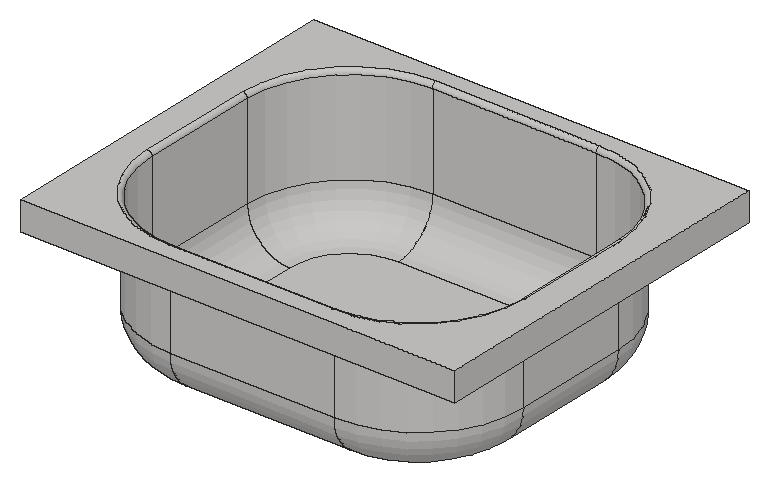
Revit family
Parameters (values of type "485 X 410")
  Waste Connection Diameter = 40 mm
  Width Of Bowl = 363 mm
  Waste Connection Radius = Waste Connection Diameter / 2  # 20 mm
  Waste Connection = 1 = 1  # yes
  WFU = 0
  Vent Connection = 1 = 0  # no
  URL = "http://www.autospec.co.za/browse.php?id=1937217983"
  Product Code = "SUT-485-SB"
  OmniClass Title = ""
  OmniClass Number = ""
  Modspec Classification = ""
  Specification = ""
  Material = Stainless Steel Grade 304
  Location (revit room) = ""
  Length Of Bowl = 413 mm
  HW Connection = 1 = 0  # no
  Description = ""
  Depth Of Bowl = 160 mm
  Colour = none
  CW Connection = 1 = 0  # no
  Body Finish = none
  Width = 410 mm
  Model = "Utility Bowl Single SUT-485-SB"
  Manufacturer = "Kwikot"  # constant formula
  Length = 485 mm
  Assembly Code = "D2010410"
Reference planes
  plane 1 "Center (Front/Back)": y = 0
  plane 2 "Bottom": z = 0
  plane 3 "Center (Left/Right)": x = 0
  plane 4 "Right": x = 485
  plane 5 "Back": y = 410
  plane 6 "Top": z = 160
  plane 7: z = 128
  plane 8: x = 36
  plane 9: x = 449
  plane 10: y = 205
  plane 11: y = 386.5
  plane 12: y = 23.5
  plane 13: x = 242.5
Forms (mm)
  Sweep 1, solid, material "Stainless Steel Grade 304" <- "Material"
    path origin (-60.109, -1524, 160) x (-1, 0, 0) y (0, -1, 0)
      loop
        line (-60.109, -1934) -> (-60.109, -1524) -> (-545.109, -1524) -> (-545.109, -1934) -> (-60.109, -1934)
    profile origin (242.5, 410, 160) x (0, 1, 0) y (0, 0, 1)
      loop
        line (-15, 0) -> (-15, -2.5) -> (-2.5, -2.5) -> (-2.5, -29.5) -> (-10, -29.5) -> (-10, -32) -> (0, -32) -> (0, 0) -> (-15, 0)
  Extrusion 2, solid, material "Stainless Steel Grade 304" <- "Material"
    sketch origin (-60.109, -1524, 160) x (-1, 0, 0) y (0, -1, 0)
      loop
        line (-75.109, -1539) -> (-530.109, -1539) -> (-530.109, -1919) -> (-75.109, -1919) -> (-75.109, -1539)
    from 0 to -2.5
  Extrusion 3, void
    sketch origin (-60.109, -1524, 160) x (0, -1, 0) y (-1, 0, 0)
      loop
        line (-1910.5, -211.109) -> (-1910.5, -394.109)
        arc (-1910.5, -394.109) -> (-1876.817, -475.426) -> (-1795.5, -509.109) r 115
        line (-1795.5, -509.109) -> (-1662.5, -509.109)
        arc (-1662.5, -509.109) -> (-1581.183, -475.426) -> (-1547.5, -394.109) r 115
        line (-1547.5, -394.109) -> (-1547.5, -211.109)
        arc (-1547.5, -211.109) -> (-1581.183, -129.791) -> (-1662.5, -96.109) r 115
        line (-1662.5, -96.109) -> (-1795.5, -96.109)
        arc (-1795.5, -96.109) -> (-1876.817, -129.791) -> (-1910.5, -211.109) r 115
    from 0 to 3
  Sweep 4, solid, material "Stainless Steel Grade 304" <- "Material"
    path origin (-60.109, -1524, 160) x (-1, 0, 0) y (0, -1, 0)
      loop
        arc (-509.109, -1795.5) -> (-475.426, -1876.817) -> (-394.109, -1910.5) r 115
        line (-394.109, -1910.5) -> (-211.109, -1910.5)
        arc (-211.109, -1910.5) -> (-129.791, -1876.817) -> (-96.109, -1795.5) r 115
        line (-96.109, -1795.5) -> (-96.109, -1662.5)
        arc (-96.109, -1662.5) -> (-129.791, -1581.183) -> (-211.109, -1547.5) r 115
        line (-211.109, -1547.5) -> (-394.109, -1547.5)
        arc (-394.109, -1547.5) -> (-475.426, -1581.183) -> (-509.109, -1662.5) r 115
        line (-509.109, -1662.5) -> (-509.109, -1795.5)
    profile origin (449, 205, 160) x (1, 0, 0) y (0, 0, 1)
      loop
        line (0, -2.5) -> (0, -110)
        arc (0, -110) -> (-13.912, -143.588) -> (-47.5, -157.5) r 47.5
        line (-47.5, -157.5) -> (-47.5, -160)
        arc (-47.5, -160) -> (-12.145, -145.355) -> (2.5, -110) r 50
        line (2.5, -110) -> (2.5, -2.5) -> (0, -2.5)
  Extrusion 5, solid, material "Stainless Steel Grade 304" <- "Material"
    sketch origin (0, 0, 0) x (1, 0, 0) y (0, 1, 0)
      loop
        arc (151, 339) -> (103.27, 319.23) -> (83.5, 271.5) r 67.5
        line (83.5, 271.5) -> (83.5, 138.5)
        arc (83.5, 138.5) -> (103.27, 90.77) -> (151, 71) r 67.5
        line (151, 71) -> (334, 71)
        arc (334, 71) -> (381.73, 90.77) -> (401.5, 138.5) r 67.5
        line (401.5, 138.5) -> (401.5, 271.5)
        arc (401.5, 271.5) -> (381.73, 319.23) -> (334, 339) r 67.5
        line (334, 339) -> (151, 339)
      loop
        circle (242.5, 205) r 20
    from 0 to 2.5
  Extrusion 6, solid, material "Stainless Steel Grade 304" <- "Material"
    sketch origin (0, 0, 0) x (1, 0, 0) y (0, 1, 0)
      loop
        circle (242.5, 205) r 20
    from 0 to -5
  Sweep 7, void
    path origin (0, 0, 160) x (-1, 0, 0) y (0, -1, 0)
      loop
        arc (-151, -386.5) -> (-69.683, -352.817) -> (-36, -271.5) r 115
        line (-36, -271.5) -> (-36, -138.5)
        arc (-36, -138.5) -> (-69.683, -57.183) -> (-151, -23.5) r 115
        line (-151, -23.5) -> (-334, -23.5)
        arc (-334, -23.5) -> (-415.317, -57.183) -> (-449, -138.5) r 115
        line (-449, -138.5) -> (-449, -271.5)
        arc (-449, -271.5) -> (-415.317, -352.817) -> (-334, -386.5) r 115
        line (-334, -386.5) -> (-151, -386.5)
    profile origin (242.5, 386.5, 160) x (0, 1, 0) y (0, 0, 1)
      loop
        line (0, 0) -> (0, -5)
        arc (0, -5) -> (1.464, -1.464) -> (5, 0) r 5
        line (5, 0) -> (0, 0)
Cuts and joins
  Extrusion 3, Sweep 7 cuts Sweep 1
  Extrusion 3, Sweep 7 cuts Extrusion 2
  Sweep 7 cuts Sweep 4
  Sweep 7 cuts Extrusion 5
  Sweep 7 cuts Extrusion 6
  joined: Sweep 1, Extrusion 2, Sweep 4, Extrusion 5, Extrusion 6
Lines and regions (mm)
  symbolic lines
    curve 1: line (0, 410, 160) -> (0, 0, 160)
    curve 2: line (0, 0, 160) -> (485, 0, 160)
    curve 3: line (485, 0, 160) -> (485, 410, 160)
    curve 4: line (485, 410, 160) -> (0, 410, 160)
    curve 5: line (36, 138.5, 160) -> (36, 271.5, 160)
    curve 6: arc (36, 271.5, 160) -> (69.683, 352.817, 160) -> (151, 386.5, 160) r 115
    curve 7: line (151, 386.5, 160) -> (334, 386.5, 160)
    curve 8: arc (334, 386.5, 160) -> (415.317, 352.817, 160) -> (449, 271.5, 160) r 115
    curve 9: line (449, 271.5, 160) -> (449, 138.5, 160)
    curve 10: arc (449, 138.5, 160) -> (415.317, 57.183, 160) -> (334, 23.5, 160) r 115
    curve 11: line (334, 23.5, 160) -> (151, 23.5, 160)
    curve 12: arc (151, 23.5, 160) -> (69.683, 57.183, 160) -> (36, 138.5, 160) r 115
    curve 13: arc (262.5, 205, 160) -> (242.5, 185, 160) -> (222.5, 205, 160) r 20
    curve 14: arc (222.5, 205, 160) -> (242.5, 225, 160) -> (262.5, 205, 160) r 20
Dimensions and locks
  "Length": plane 3 "Center (Left/Right)" to plane 4 "Right"
  "Width": plane 5 "Back" to plane 1 "Center (Front/Back)"
  "Depth Of Bowl": plane 6 "Top" to plane 2 "Bottom"
  equal spacing: plane 1 "Center (Front/Back)", plane 10, plane 5 "Back"
  "Length Of Bowl": plane 8 to plane 9
  "Width Of Bowl": plane 11 to plane 12
  equal spacing: plane 11, plane 10, plane 12
  equal spacing: plane 8, plane 13, plane 9
  plane 6 "Top" to plane 7 = 32 mm
  Sweep 1 sketch curve to plane 5 "Back" = 10 mm
  Sweep 1 sketch curve to plane 5 "Back" = 15 mm
  plane 6 "Top" to Sweep 1 sketch curve = 2.5 mm
  Sweep 1 sketch curve to plane 5 "Back" = 2.5 mm
  plane 7 to Sweep 1 sketch curve = 2.5 mm
  plane 3 "Center (Left/Right)" to plane 8 = 36 mm
  radius of Extrusion 3 sketch curve = 115 mm  (x4)
  "Waste Connection Radius": radius of Extrusion 5 sketch curve
  aligned and locked: level to plane 2 "Bottom"
  aligned and locked: Sweep 1 sketch curve to plane 5 "Back"
  aligned and locked: plane 3 "Center (Left/Right)" to Sweep 1 sketch curve
  aligned and locked: Sweep 1 sketch curve to plane 1 "Center (Front/Back)"
  aligned and locked: plane 4 "Right" to Sweep 1 sketch curve
  aligned and locked: Sweep 1 sketch curve to profile plane
  aligned and locked: plane 7 to Sweep 1 sketch curve
  aligned and locked: profile plane to Sweep 1 sketch curve
  aligned and locked: Extrusion 2 sketch curve to Sweep 1  (x4)
  aligned: Sweep 1 to Extrusion 2
  aligned and locked: plane 6 "Top" to Extrusion 2
  aligned: Sweep 1 to Extrusion 3
  aligned and locked: plane 6 "Top" to Extrusion 3
  aligned and locked: curve 1 to cut or joined group of Sweep 1, Extrusion 2, Extrusion 3, Sweep 4, Extrusion 5, Extrusion 6, Sweep 7
  aligned and locked: curve 2 to cut or joined group of Sweep 1, Extrusion 2, Extrusion 3, Sweep 4, Extrusion 5, Extrusion 6, Sweep 7
  aligned and locked: curve 3 to cut or joined group of Sweep 1, Extrusion 2, Extrusion 3, Sweep 4, Extrusion 5, Extrusion 6, Sweep 7
  aligned and locked: curve 4 to cut or joined group of Sweep 1, Extrusion 2, Extrusion 3, Sweep 4, Extrusion 5, Extrusion 6, Sweep 7
  aligned and locked: plane 11 to Extrusion 3 sketch curve
  aligned and locked: Extrusion 3 sketch curve to plane 8
  aligned and locked: Extrusion 3 sketch curve to plane 12
  aligned and locked: plane 9 to Extrusion 3 sketch curve
  aligned and locked: Sweep 4 sketch curve to cut or joined group of Sweep 1, Extrusion 2, Extrusion 3, Sweep 4, Extrusion 5, Extrusion 6, Sweep 7  (x5)
  aligned and locked: cut or joined group of Sweep 1, Extrusion 2, Extrusion 3, Sweep 4, Extrusion 5, Extrusion 6, Sweep 7 to Sweep 4 sketch curve
  aligned and locked: plane 2 "Bottom" to Sweep 4 sketch curve
  aligned and locked: Extrusion 5 sketch curve to Sweep 4  (x4)
  aligned and locked: plane 13 to Extrusion 5 sketch curve
  aligned and locked: plane 10 to Extrusion 5 sketch curve
  aligned and locked: Extrusion 6 sketch curve to cut or joined group of Sweep 1, Extrusion 2, Extrusion 3, Sweep 4, Extrusion 5, Extrusion 6, Sweep 7  (x2)
  aligned and locked: curve 5 to cut or joined group of Sweep 1, Extrusion 2, Extrusion 3, Sweep 4, Extrusion 5, Extrusion 6, Sweep 7
  aligned and locked: curve 6 to cut or joined group of Sweep 1, Extrusion 2, Extrusion 3, Sweep 4, Extrusion 5, Extrusion 6, Sweep 7
  aligned and locked: curve 7 to cut or joined group of Sweep 1, Extrusion 2, Extrusion 3, Sweep 4, Extrusion 5, Extrusion 6, Sweep 7
  aligned and locked: curve 8 to cut or joined group of Sweep 1, Extrusion 2, Extrusion 3, Sweep 4, Extrusion 5, Extrusion 6, Sweep 7
  aligned and locked: curve 10 to cut or joined group of Sweep 1, Extrusion 2, Extrusion 3, Sweep 4, Extrusion 5, Extrusion 6, Sweep 7
  aligned and locked: curve 12 to cut or joined group of Sweep 1, Extrusion 2, Extrusion 3, Sweep 4, Extrusion 5, Extrusion 6, Sweep 7
  aligned and locked: curve 13 to cut or joined group of Sweep 1, Extrusion 2, Extrusion 3, Sweep 4, Extrusion 5, Extrusion 6, Sweep 7
  aligned and locked: curve 14 to cut or joined group of Sweep 1, Extrusion 2, Extrusion 3, Sweep 4, Extrusion 5, Extrusion 6, Sweep 7
  aligned and locked: Sweep 7 sketch curve to cut or joined group of Sweep 1, Extrusion 2, Extrusion 3, Sweep 4, Extrusion 5, Extrusion 6, Sweep 7  (x4)
  aligned and locked: profile plane to Sweep 7 sketch curve  (x2)
Automatic sketch dimensions
  Sweep 4 sketch curve to Sweep 4 sketch curve = 0 mm
  profile plane to Sweep 4 sketch curve = 47.5 mm
  Sweep 4 sketch curve to Sweep 4 sketch curve = 2.5 mm
  curve 6 to plane 13 = 91.5 mm
  Sweep 7 sketch curve to Sweep 7 sketch curve = 5 mm  (x2)
  Sweep 7 sketch curve to Sweep 7 sketch curve = 0 mm
  Sweep 7 sketch curve to profile plane = 0 mm
  Sweep 7 sketch curve to plane 6 "Top" = 0 mm
Connectors
  piping at (242.5, 205, -5), driven by "Waste Connection Radius", driven by "WFU"
    settings: on cut or joined group of Sweep 1, Extrusion 2, Extrusion 3, Sweep 4, Extrusion 5, Extrusion 6, Sweep 7, index 1, connector radius 20 mm, flow factor 0, pipe flow 0.0 L/s, pressure drop 0.0 Pa, fitting loss kfactor 0, connector angle 0.00°, fixture units 0, flow configuration 3, flow direction 2, fitting loss method 4, system type 16, connector reference index -1, connector utility 0, adjustable connector no, is connector primary yes, fitting loss table "", connector description "Waste Connection"
